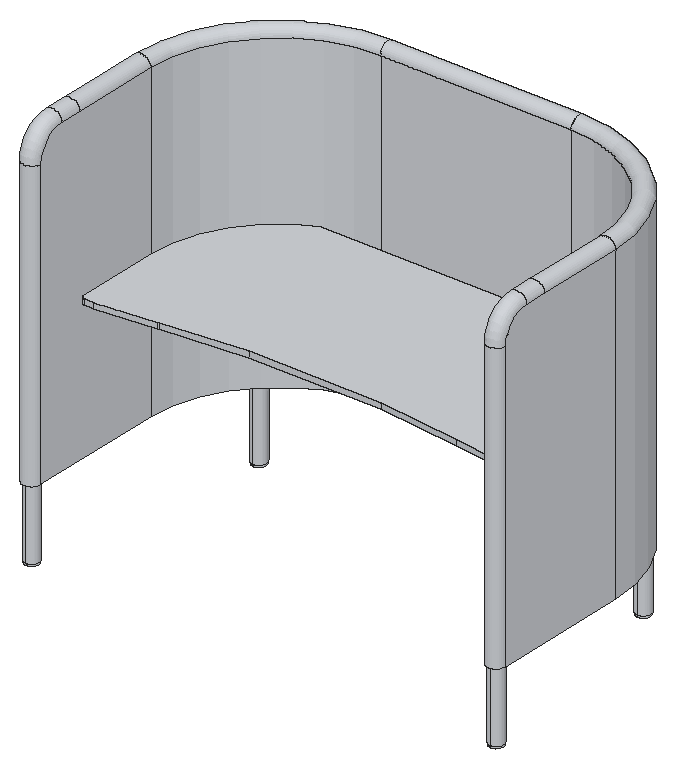
Revit family "BuzziSpace - BuzziHug Work", category Furniture, Revit 2019
Family settings
  OmniClass Number = 23.40.20.00
  OmniClass Title = General Furniture and Specialties
  Work Plane-Based = No
  Always vertical = Yes
  Cut with Voids When Loaded = No
  Shared = No
  Room Calculation Point = No
Parameters (values of type "Medium 135cm")
  Worktop [instance] = none
  Width = 5' - 5"
  Void Depth Small [instance] = if(Width = 4' 1 1/4", 0' 6", 0' 1")  # 0' - 1"
  Void Depth Medium [instance] = if(Width = 5' 5", 0' 6", 0' 1")  # 0' - 6"
  Upholstery [instance] = none
  URL = "https://www.buzzi.space/acoustic-solutions/buzzihug-work"
  Model = "BuzziHug Work"
  Manufacturer = "BuzziSpace"  # constant formula
  Legs [instance] = none
  Height = 4' - 5 1/8"
  Cable Tray Toggle [instance] = yes
  Cable Tray [instance] = none
Types (5): name | Width | Void Depth Small | Void Depth Medium | Height
  (no name) | 5' - 5" | 0' - 1" | 0' - 6" | 4' - 5 1/8"
  Medium 135cm | 5' - 5" | 0' - 1" | 0' - 6" | 4' - 5 1/8"
  Small 120cm | 4' - 1 1/4" | 0' - 6" | 0' - 1" | 3' - 11 1/4"
  Medium 120cm | 5' - 5" | 0' - 1" | 0' - 6" | 3' - 11 1/4"
  Small 135cm | 4' - 1 1/4" | 0' - 6" | 0' - 1" | 4' - 5 1/8"
Reference planes (in)
  plane 1 "Center Front/Back": y = 0
  plane 2: z = 0
  plane 3 "Center Left/Right": x = 0
  plane 4: x = -32.5
  plane 5: x = 32.5
  plane 6: y = 19.68504
  plane 7: y = -19.68504
  plane 8: x = -29.98031
  plane 9: x = 29.98031
  plane 10: y = 17.16535
  plane 11: y = -11.9685
  plane 12: z = 53.125
  plane 13 "Base": z = 9.80315
  plane 14: x = -22.1063
  plane 15: x = 22.1063
  plane 16: y = 15.59055
  plane 17: y = 10.86614
  plane 18: x = -12.81496
  plane 19: x = 12.81496
  plane 20: y = -9.94156
  plane 21: z = 51.86516
  plane 22: z = 48.40059
  plane 23: x = -25.84354
  plane 24: x = 25.84354
  plane 25: x = -31.24016
  plane 26: x = 31.24016
  plane 27 "Desk Height": z = 28.77953
  plane 28: x = -20.01925
  plane 29: x = 20.01925
  plane 30: y = 14.59055
  plane 31: y = 9.59055
  plane 32 "Mask": z = 55.125
Forms (in)
  Sweep 1, solid, material <- "Upholstery"
    path origin (0, 0, 0) x (1, 0, 0) y (0, 1, 0)
      loop
        line (-32.5, -11.9685) -> (-32.5, 0)
        arc (-32.5, 0) -> (-26.73439, 13.91942) -> (-12.81496, 19.68504) r 19.68504
        line (-12.81496, 19.68504) -> (12.81496, 19.68504)
        arc (12.81496, 19.68504) -> (26.73439, 13.91942) -> (32.5, 0) r 19.68504
        line (32.5, 0) -> (32.5, -11.9685)
    profile origin (-32.5, -5.98425, 0) x (-1, 0, 0) y (0, 0, 1)
      loop
        arc (0, 51.86516) -> (-1.25984, 53.125) -> (-2.51969, 51.86516) r 1.25984
        line (-2.51969, 51.86516) -> (-2.51969, 9.80315) -> (0, 9.80315) -> (0, 51.86516)
  Sweep 2, solid, material <- "Upholstery"
    path origin (0, 0, 0) x (0, 1, 0) y (0, 0, 1)
      loop
        line (-11.9685, 53.125) -> (-14.96063, 53.125)
        arc (-14.96063, 53.125) -> (-18.30129, 51.74125) -> (-19.68504, 48.40059) r 4.72441
        line (-19.68504, 48.40059) -> (-19.68504, 9.80315)
    profile origin (0, -13.46457, 53.125) x (0, 0, -1) y (1, 0, 0)
      loop
        line (1.25984, -32.5) -> (2.25984, -32.5) -> (2.25984, -29.98031) -> (1.25984, -29.98031)
        arc (1.25984, -29.98031) -> (0, -31.24016) -> (1.25984, -32.5) r 1.25984
      loop
        arc (1.25984, 32.5) -> (0, 31.24016) -> (1.25984, 29.98031) r 1.25984
        line (1.25984, 29.98031) -> (2.25984, 29.98031) -> (2.25984, 32.5) -> (1.25984, 32.5)
  Extrusion 3, solid, material <- "Upholstery"
    sketch origin (-32.5, -25.67925, 48) x (0, -1, 0) y (0, 0, 1)
      loop
        line (-13.71074, 2.86516) -> (-13.71074, -38.19685) -> (-8.25405, -38.19685) -> (-8.25405, 0.40059)
        arc (-8.25405, 0.40059) -> (-8.97591, 2.1433) -> (-10.71862, 2.86516) r 2.46457
        line (-10.71862, 2.86516) -> (-13.71074, 2.86516)
    from 0 to -2.51969
  Extrusion 4, solid, material <- "Upholstery"
    sketch origin (32.5, -25.67925, 48) x (0, -1, 0) y (0, 0, -1)
      loop
        arc (-10.71862, -2.86516) -> (-8.97591, -2.1433) -> (-8.25405, -0.40059) r 2.46457
        line (-8.25405, -0.40059) -> (-8.25405, 38.19685) -> (-13.71074, 38.19685) -> (-13.71074, -2.86516) -> (-10.71862, -2.86516)
    from 0 to -2.51969
  Revolve 5, solid, material <- "Legs"
    sketch origin (-31.24016, -19.07871, 48) x (0, 1, 0) y (0, 0, 1)
      loop
        line (-0.33074, -38.31496) -> (-0.33074, -47.68504) -> (-0.24284, -47.68504) -> (-0.24284, -48) -> (0.65351, -48) -> (0.65351, -38.19685) -> (0.49133, -38.19685) -> (0.49133, -38.31496) -> (-0.33074, -38.31496)
      axis (0.65351, -48) -> (0.65351, -38.19685)
    angle from 0 to 360
  Revolve 6, solid, material <- "Legs"
    sketch origin (31.24016, -19.07871, 48) x (0, 1, 0) y (0, 0, 1)
      loop
        line (-0.33074, -38.31496) -> (-0.33074, -47.68504) -> (-0.24284, -47.68504) -> (-0.24284, -48) -> (0.65351, -48) -> (0.65351, -38.19685) -> (0.49133, -38.19685) -> (0.49133, -38.31496) -> (-0.33074, -38.31496)
      axis (0.65351, -48) -> (0.65351, -38.19685)
    angle from 0 to 360
  Revolve 7, solid, material <- "Legs"
    sketch origin (-25.84354, -25.67925, 48) x (0, -1, 0) y (0, 0, 1)
      loop
        line (-37.72358, -38.31496) -> (-38.54565, -38.31496) -> (-38.54565, -38.19685) -> (-38.70783, -38.19685) -> (-38.70783, -48) -> (-37.81148, -48) -> (-37.81148, -47.68504) -> (-37.72358, -47.68504) -> (-37.72358, -38.31496)
      axis (-38.70783, -48) -> (-38.70783, -38.19685)
    angle from 0 to 360
  Revolve 8, solid, material <- "Legs"
    sketch origin (25.84354, -25.67925, 48) x (0, -1, 0) y (0, 0, 1)
      loop
        line (-37.72358, -38.31496) -> (-38.54565, -38.31496) -> (-38.54565, -38.19685) -> (-38.70783, -38.19685) -> (-38.70783, -48) -> (-37.81148, -48) -> (-37.81148, -47.68504) -> (-37.72358, -47.68504) -> (-37.72358, -38.31496)
      axis (-38.70783, -48) -> (-38.70783, -38.19685)
    angle from 0 to 360
  Extrusion 9, solid, material <- "Worktop"
    sketch origin (0, 0, 28.77953) x (-1, 0, 0) y (0, -1, 0)
      loop
        arc (20.01925, -15.59055) -> (27.27745, -9.25051) -> (29.98031, 0) r 17.1813
        line (29.98031, 0) -> (29.98031, 11.25911)
        arc (29.98031, 11.25911) -> (29.77254, 11.76073) -> (29.27092, 11.9685) r 0.70939
        line (29.27092, 11.9685) -> (28.11965, 11.9685)
        arc (28.11965, 11.9685) -> (24.10632, 11.75934) -> (20.13649, 11.13411) r 38.60705
        line (20.13649, 11.13411) -> (20.01925, 11.10933)
        arc (20.01925, 11.10933) -> (14.46329, 10.23429) -> (8.84646, 9.94156) r 54.03232
        line (8.84646, 9.94156) -> (-8.84646, 9.94156)
        arc (-8.84646, 9.94156) -> (-14.46329, 10.23429) -> (-20.01925, 11.10933) r 54.03232
        line (-20.01925, 11.10933) -> (-20.13649, 11.13411)
        arc (-20.13649, 11.13411) -> (-24.10632, 11.75934) -> (-28.11965, 11.9685) r 38.60705
        line (-28.11965, 11.9685) -> (-29.27092, 11.9685)
        arc (-29.27092, 11.9685) -> (-29.77254, 11.76073) -> (-29.98031, 11.25911) r 0.70939
        line (-29.98031, 11.25911) -> (-29.98031, 0)
        arc (-29.98031, 0) -> (-27.27745, -9.25051) -> (-20.01925, -15.59055) r 17.1813
        line (-20.01925, -15.59055) -> (20.01925, -15.59055)
    from 0 to 0.75
  Extrusion 10, solid, material <- "Cable Tray", visible <- "Cable Tray Toggle"
    sketch origin (-42.00594, -180, 28.77953) x (-1, 0, 0) y (0, -1, 0)
      loop
        line (-19.89964, -194.44201) -> (-19.89964, -190.86614) -> (-64.11224, -190.86614) -> (-64.11224, -194.44201)
        arc (-64.11224, -194.44201) -> (-59.61376, -196.47076) -> (-54.7281, -197.16535) r 17.52966
        line (-54.7281, -197.16535) -> (-46.10002, -197.16535)
        arc (-46.10002, -197.16535) -> (-45.90184, -197.09517) -> (-45.79199, -196.91591) r 0.31492
        arc (-45.79199, -196.91591) -> (-45.20831, -195.96344) -> (-44.1553, -195.59055) r 1.67325
        line (-44.1553, -195.59055) -> (-39.85657, -195.59055)
        arc (-39.85657, -195.59055) -> (-38.80356, -195.96344) -> (-38.21989, -196.91591) r 1.67325
        arc (-38.21989, -196.91591) -> (-38.11004, -197.09517) -> (-37.91185, -197.16535) r 0.31492
        line (-37.91185, -197.16535) -> (-29.28378, -197.16535)
        arc (-29.28378, -197.16535) -> (-24.39812, -196.47076) -> (-19.89964, -194.44201) r 17.52966
    from -5.51181 to -4.72441
  Extrusion 11, solid, material <- "Cable Tray", visible <- "Cable Tray Toggle"
    sketch origin (-36.82644, 10.86614, 48) x (-1, 0, 0) y (0, 0, 1)
      loop
        arc (-58.854, -19.22047) -> (-58.90968, -19.24353) -> (-58.93274, -19.29921) r 0.07874
        line (-58.93274, -19.29921) -> (-58.93274, -23.94488) -> (-14.72014, -23.94488) -> (-14.72014, -19.29921)
        arc (-14.72014, -19.29921) -> (-14.74321, -19.24353) -> (-14.79888, -19.22047) r 0.07874
        line (-14.79888, -19.22047) -> (-58.854, -19.22047)
    from 0 to 0.75
  Extrusion 12, void
    sketch origin (-36.82644, 15.59055, 48) x (-1, 0, 0) y (0, 0, 1)
      loop
        arc (-40.3651, -21.97638) -> (-40.24979, -22.25477) -> (-39.9714, -22.37008) r 0.3937
        line (-39.9714, -22.37008) -> (-33.68149, -22.37008)
        arc (-33.68149, -22.37008) -> (-33.4031, -22.25477) -> (-33.28778, -21.97638) r 0.3937
        line (-33.28778, -21.97638) -> (-33.28778, -19.22047) -> (-40.3651, -19.22047) -> (-40.3651, -21.97638)
    from -1 to 0
  Extrusion 13, void
    sketch origin (-36.82644, 15.59055, 48) x (-1, 0, 0) y (0, 0, 1)
      loop
        arc (-32.68794, -21.97638) -> (-32.57262, -22.25477) -> (-32.29424, -22.37008) r 0.3937
        line (-32.29424, -22.37008) -> (-26.00432, -22.37008)
        arc (-26.00432, -22.37008) -> (-25.72593, -22.25477) -> (-25.61062, -21.97638) r 0.3937
        line (-25.61062, -21.97638) -> (-25.61062, -19.22047) -> (-32.68794, -19.22047) -> (-32.68794, -21.97638)
      loop
        line (-40.96495, -21.97638) -> (-40.96495, -19.22047) -> (-48.04227, -19.22047) -> (-48.04227, -21.97638)
        arc (-48.04227, -21.97638) -> (-47.92695, -22.25477) -> (-47.64857, -22.37008) r 0.3937
        line (-47.64857, -22.37008) -> (-41.35865, -22.37008)
        arc (-41.35865, -22.37008) -> (-41.08026, -22.25477) -> (-40.96495, -21.97638) r 0.3937
    from -6 to 0
Cuts and joins
  joined: Sweep 1, Sweep 2, Extrusion 3, Extrusion 4
  Extrusion 12, Extrusion 13 cuts Extrusion 11
  joined: Extrusion 10, Extrusion 11
Lines and regions (in)
  Masking region 1
    outline origin (0, 0, 55.125) x (-1, 0, 0) y (0, -1, 0)
      loop
        line (32.5, 0) -> (32.5, 18.4252)
        arc (32.5, 18.4252) -> (31.24016, 19.68504) -> (29.98031, 18.4252) r 1.25984
        line (29.98031, 18.4252) -> (29.98031, 11.25911)
        arc (29.98031, 11.25911) -> (29.77254, 11.76073) -> (29.27092, 11.9685) r 0.70939
        line (29.27092, 11.9685) -> (28.11965, 11.9685)
        arc (28.11965, 11.9685) -> (24.10632, 11.75934) -> (20.13649, 11.13411) r 38.60705
        line (20.13649, 11.13411) -> (20.01925, 11.10933)
        arc (20.01925, 11.10933) -> (14.46329, 10.23429) -> (8.84646, 9.94156) r 54.03232
        line (8.84646, 9.94156) -> (-8.84646, 9.94156)
        arc (-8.84646, 9.94156) -> (-14.46329, 10.23429) -> (-20.01925, 11.10933) r 54.03232
        line (-20.01925, 11.10933) -> (-20.13649, 11.13411)
        arc (-20.13649, 11.13411) -> (-24.10632, 11.75934) -> (-28.11965, 11.9685) r 38.60705
        line (-28.11965, 11.9685) -> (-29.27092, 11.9685)
        arc (-29.27092, 11.9685) -> (-29.77254, 11.76073) -> (-29.98031, 11.25911) r 0.70939
        line (-29.98031, 11.25911) -> (-29.98031, 18.4252)
        arc (-29.98031, 18.4252) -> (-31.24016, 19.68504) -> (-32.5, 18.4252) r 1.25984
        line (-32.5, 18.4252) -> (-32.5, 0)
        arc (-32.5, 0) -> (-26.73439, -13.91942) -> (-12.81496, -19.68504) r 19.68504
        line (-12.81496, -19.68504) -> (12.81496, -19.68504)
        arc (12.81496, -19.68504) -> (26.73439, -13.91942) -> (32.5, 0) r 19.68504
  symbolic lines, detail levels medium+fine
    curve 1: line (19.98381, 15.59055, 55.125) -> (-19.98381, 15.59055, 55.125)
    curve 5: arc (-2.14937, 15.59055, 55.125) -> (-3.20238, 15.96344, 55.125) -> (-3.78605, 16.91591, 55.125) r 1.67325
    curve 6: arc (-3.78605, 16.91591, 55.125) -> (-3.8959, 17.09517, 55.125) -> (-4.09409, 17.16535, 55.125) r 0.31492
    curve 7: arc (3.78605, 16.91591, 55.125) -> (3.20238, 15.96344, 55.125) -> (2.14937, 15.59055, 55.125) r 1.67325
    curve 8: arc (4.09409, 17.16535, 55.125) -> (3.8959, 17.09517, 55.125) -> (3.78605, 16.91591, 55.125) r 0.31492
  symbolic lines
    curve 2: arc (-12.72216, 17.16535, 55.125) -> (-16.43738, 16.76713, 55.125) -> (-19.98381, 15.59055, 55.125) r 17.52966
    curve 3: line (-12.72216, 17.16535, 55.125) -> (12.72216, 17.16535, 55.125)
    curve 4: arc (19.98381, 15.59055, 55.125) -> (16.43738, 16.76713, 55.125) -> (12.72216, 17.16535, 55.125) r 17.52966
    curve 20: arc (-20.01925, 15.59055, 55.125) -> (-27.27745, 9.25051, 55.125) -> (-29.98031, 0, 55.125) r 17.1813
    curve 21: arc (29.98031, 0, 55.125) -> (27.27745, 9.25051, 55.125) -> (20.01925, 15.59055, 55.125) r 17.1813
    curve 22: line (29.98031, -11.25911, 55.125) -> (29.98031, 0, 55.125)
    curve 23: line (-29.98031, 0, 55.125) -> (-29.98031, -11.25911, 55.125)
  symbolic lines, style "FurnitureHiddenLines", visible <- "Cable Tray Toggle", detail levels fine
    curve 9: line (-22.1063, 14.44201, 55.125) -> (-22.1063, 10.86614, 55.125)
    curve 10: line (22.1063, 10.86614, 55.125) -> (22.1063, 14.44201, 55.125)
    curve 11: line (22.1063, 10.86614, 55.125) -> (-22.1063, 10.86614, 55.125)
  symbolic lines, style "FurnitureHiddenLines", detail levels fine
    curve 12: arc (-25.84354, 12.04433, 55.125) -> (-24.85929, 13.02858, 55.125) -> (-25.84354, 14.01283, 55.125) r 0.98425
    curve 13: arc (-25.84354, 14.01283, 55.125) -> (-26.82779, 13.02858, 55.125) -> (-25.84354, 12.04433, 55.125) r 0.98425
    curve 14: arc (25.84354, 14.01283, 55.125) -> (26.82779, 13.02858, 55.125) -> (25.84354, 12.04433, 55.125) r 0.98425
    curve 15: arc (25.84354, 12.04433, 55.125) -> (24.85929, 13.02858, 55.125) -> (25.84354, 14.01283, 55.125) r 0.98425
    curve 16: arc (31.24016, -19.40945, 55.125) -> (32.22441, -18.4252, 55.125) -> (31.24016, -17.44094, 55.125) r 0.98425
    curve 17: arc (31.24016, -17.44094, 55.125) -> (30.25591, -18.4252, 55.125) -> (31.24016, -19.40945, 55.125) r 0.98425
    curve 18: arc (-31.24016, -17.44094, 55.125) -> (-30.25591, -18.4252, 55.125) -> (-31.24016, -19.40945, 55.125) r 0.98425
    curve 19: arc (-31.24016, -19.40945, 55.125) -> (-32.22441, -18.4252, 55.125) -> (-31.24016, -17.44094, 55.125) r 0.98425
Dimensions and locks (in)
  equal spacing: plane 4, plane 3 "Center Left/Right", plane 5
  "Width": plane 4 to plane 5
  locked: plane 4 to plane 25 at 1.25984
  locked: plane 26 to plane 5 at 1.25984
  plane 4 to plane 8 to plane 23 to plane 14 to plane 28 to plane 18 = 0' - 2.51969" locked, 0' - 4.13677" locked, 0' - 3.73724" locked, 0' - 2.08705" locked, 0' - 7.20429" locked
  plane 19 to plane 29 to plane 15 to plane 24 to plane 9 to plane 5 = 0' - 7.20429" locked, 0' - 2.08705" locked, 0' - 3.73724" locked, 0' - 4.13677" locked, 0' - 2.51969" locked
  plane 27 "Desk Height" to plane 13 "Base" to level = 1' - 6.97638" locked, 0' - 9.80315" locked
  plane 12 to plane 21 to plane 22 = 0' - 1.25984" locked, 0' - 3.46457" locked
  "Height": plane 12 to level
  locked: plane 8 to Extrusion 9 sketch curve at 0.70939
  locked: Extrusion 9 sketch curve to plane 9 at 0.70939
  "Void Depth Small": plane 16 to plane 30
  "Void Depth Medium": plane 16 to plane 31
  locked: plane 32 "Mask" to plane 12 at 2
  aligned and locked: level to plane 2
  aligned and locked: Sweep 1 sketch curve to plane 5
  aligned and locked: Sweep 1 sketch curve to plane 4
  aligned and locked: Sweep 1 sketch curve to plane 6
  aligned and locked: plane 18 to Sweep 1 sketch curve
  aligned and locked: plane 19 to Sweep 1 sketch curve
  aligned and locked: plane 21 to Sweep 1 sketch curve  (x2)
  aligned and locked: plane 8 to Sweep 1 sketch curve
  aligned and locked: Sweep 2 sketch curve to plane 7
  aligned and locked: plane 11 to Sweep 2 sketch curve
  aligned and locked: Sweep 2 sketch curve to plane 12
  aligned and locked: plane 13 "Base" to Sweep 2 sketch curve
  aligned and locked: plane 4 to Sweep 2 sketch curve
  aligned and locked: plane 21 to Sweep 2 sketch curve  (x4)
  aligned and locked: Sweep 2 sketch curve to plane 8
  aligned and locked: plane 9 to Sweep 2 sketch curve
  aligned and locked: Sweep 2 sketch curve to plane 5
  aligned and locked: Extrusion 3 sketch curve to plane 13 "Base"
  aligned and locked: plane 11 to Extrusion 3 sketch curve
  aligned and locked: plane 13 "Base" to Extrusion 4 sketch curve
  aligned and locked: Extrusion 4 sketch curve to plane 11
  aligned and locked: plane 13 "Base" to Revolve 5 sketch curve  (x2)
  aligned and locked: level to Revolve 5 sketch curve  (x2)
  aligned and locked: plane 9 to Extrusion 9 sketch curve
  aligned and locked: Extrusion 12 sketch curve to plane 27 "Desk Height"
  aligned and locked: Extrusion 12 to plane 30
  aligned and locked: plane 16 to Extrusion 12
  aligned and locked: plane 16 to Extrusion 13
  aligned and locked: Extrusion 13 to plane 31
  aligned and locked: Masking region 1 sketch curve to cut or joined group of Sweep 1, Sweep 2, Extrusion 3, Extrusion 4  (x4)
  aligned and locked: Masking region 1 sketch curve to plane 9
  aligned and locked: Masking region 1 sketch curve to Extrusion 9  (x5)
  aligned and locked: Extrusion 9 to curve 1
  aligned and locked: curve 2 to cut or joined group of Extrusion 10, Extrusion 11, Extrusion 12, Extrusion 13
  aligned and locked: curve 4 to cut or joined group of Extrusion 10, Extrusion 11, Extrusion 12, Extrusion 13
  aligned and locked: curve 5 to cut or joined group of Extrusion 10, Extrusion 11, Extrusion 12, Extrusion 13
  aligned and locked: curve 6 to cut or joined group of Extrusion 10, Extrusion 11, Extrusion 12, Extrusion 13
  aligned and locked: curve 7 to cut or joined group of Extrusion 10, Extrusion 11, Extrusion 12, Extrusion 13
  aligned and locked: curve 8 to cut or joined group of Extrusion 10, Extrusion 11, Extrusion 12, Extrusion 13
  aligned and locked: curve 9 to cut or joined group of Extrusion 10, Extrusion 11, Extrusion 12, Extrusion 13
  aligned and locked: curve 12 to Revolve 7
  aligned and locked: curve 13 to Revolve 7
  aligned and locked: curve 14 to Revolve 8
  aligned and locked: curve 15 to Revolve 8
  aligned and locked: curve 16 to Revolve 6
  aligned and locked: curve 17 to Revolve 6
  aligned and locked: curve 18 to Revolve 5
  aligned and locked: curve 19 to Revolve 5
  aligned and locked: curve 21 to Extrusion 9
  aligned and locked: curve 22 to Extrusion 9
  aligned and locked: curve 23 to Extrusion 9
Automatic sketch dimensions
  Sweep 1 sketch curve to plane 11 = 0' - 0"  (x2)
  level to Sweep 1 sketch curve = 0' - 9.80315"
  Sweep 2 sketch curve to plane 22 = 0' - 0"
  Sweep 2 sketch curve to Sweep 2 sketch curve = 0' - 1"  (x2)
  Sweep 1 sketch curve to profile plane = 0' - 0"
  Extrusion 3 sketch curve to plane 22 = 0' - 0"
  Extrusion 3 sketch curve to plane 12 = 0' - 2.25984"
  Extrusion 3 sketch curve to plane 7 = 0' - 2.25984"
  Extrusion 4 sketch curve to plane 22 = 0' - 0"
  plane 21 to Extrusion 4 sketch curve = 0' - 1"
  plane 11 to Extrusion 4 sketch curve = 0' - 2.99213"
  Revolve 5 sketch curve to plane 7 = 0' - 1 25/256"
  Revolve 5 sketch curve to Revolve 5 sketch curve = 0' - 0.98425"
  Revolve 5 sketch curve to Revolve 5 sketch curve = 0' - 0.11811"
  Revolve 5 sketch curve to plane 7 = 0' - 0.27559"
  Revolve 5 sketch curve to Revolve 5 sketch curve = 0' - 0.0879"
  Revolve 5 sketch curve to Revolve 5 sketch curve = 0' - 0"
  level to Revolve 5 sketch curve = 0' - 0.31496"
  Revolve 6 sketch curve to level = 0' - 0"  (x2)
  Revolve 6 sketch curve to plane 13 "Base" = 0' - 0"  (x2)
  plane 13 "Base" to Revolve 6 sketch curve = 0' - 0.11811"
  plane 7 to Revolve 6 sketch curve = 0' - 0.27559"
  Revolve 6 sketch curve to Revolve 6 sketch curve = 0' - 0.0879"
  Revolve 6 sketch curve to Revolve 6 sketch curve = 0' - 0.82207"
  Revolve 6 sketch curve to Revolve 6 sketch curve = 0' - 0.89635"
  Revolve 6 sketch curve to level = 0' - 0.31496"
  Revolve 6 sketch curve to Revolve 6 sketch curve = 0' - 0"
  Revolve 7 sketch curve to level = 0' - 0"  (x2)
  Revolve 7 sketch curve to plane 13 "Base" = 0' - 0"  (x2)
  plane 17 to Revolve 7 sketch curve = 0' - 2.16244"
  Revolve 7 sketch curve to Revolve 7 sketch curve = 0' - 0.16218"
  level to Revolve 7 sketch curve = 0' - 0.31496"
  Revolve 7 sketch curve to Revolve 7 sketch curve = 0' - 0.89635"
  Revolve 7 sketch curve to Revolve 7 sketch curve = 0' - 0.0879"
  Revolve 7 sketch curve to plane 13 "Base" = 0' - 0.11811"
  Revolve 7 sketch curve to Revolve 7 sketch curve = 0' - 0"
  Revolve 8 sketch curve to level = 0' - 0"  (x2)
  Revolve 8 sketch curve to plane 13 "Base" = 0' - 0"  (x2)
  Revolve 8 sketch curve to plane 17 = 0' - 2.16244"
  Revolve 8 sketch curve to Revolve 8 sketch curve = 0' - 0.16218"
  Revolve 8 sketch curve to level = 0' - 0.31496"
  Revolve 8 sketch curve to Revolve 8 sketch curve = 0' - 0.89635"
  Revolve 8 sketch curve to Revolve 8 sketch curve = 0' - 0.0879"
  plane 13 "Base" to Revolve 8 sketch curve = 0' - 0.11811"
  Revolve 8 sketch curve to Revolve 8 sketch curve = 0' - 0"
  Extrusion 10 sketch curve to plane 10 = 0' - 0"  (x2)
  Extrusion 10 sketch curve to plane 16 = 0' - 0"
  Extrusion 10 sketch curve to plane 19 = 0' - 0.0928"
  plane 3 "Center Left/Right" to Extrusion 10 sketch curve = 0' - 2.14937"
  Extrusion 10 sketch curve to plane 3 "Center Left/Right" = 0' - 2.14937"
  Extrusion 10 sketch curve to plane 10 = 0' - 0.31492"
  Extrusion 10 sketch curve to Extrusion 10 sketch curve = 0' - 1.94472"  (x2)
  Extrusion 10 sketch curve to plane 18 = 0' - 0.0928"
  Extrusion 10 sketch curve to plane 14 = 0' - 0"
  plane 10 to Extrusion 10 sketch curve = 0' - 0.09844"  (x2)
  Extrusion 10 sketch curve to Extrusion 10 sketch curve = 0' - 0.31492"
  plane 1 "Center Front/Back" to Extrusion 10 sketch curve = 0' - 0.3643"
  Extrusion 11 sketch curve to plane 15 = 0' - 0"
  Extrusion 11 sketch curve to plane 27 "Desk Height" = 0' - 0"
  plane 14 to Extrusion 11 sketch curve = 0' - 0"
  Extrusion 11 sketch curve to plane 15 = 0' - 0.07874"
  Extrusion 11 sketch curve to plane 14 = 0' - 0.07874"
  Extrusion 11 sketch curve to Extrusion 11 sketch curve = 0' - 4.64567"
  Extrusion 10 sketch curve to Extrusion 10 sketch curve = 0' - 3.57587"
  Extrusion 10 sketch curve to plane 15 = 0' - 0"
  Extrusion 10 sketch curve to plane 17 = 0' - 0"
  Extrusion 9 sketch curve to plane 11 = 0' - 0"  (x2)
  Extrusion 9 sketch curve to plane 16 = 0' - 0"
  Extrusion 9 sketch curve to plane 29 = 0' - 0"  (x2)
  plane 1 "Center Front/Back" to Extrusion 9 sketch curve = 0' - 0"  (x2)
  Extrusion 9 sketch curve to plane 20 = 0' - 0"
  Extrusion 9 sketch curve to plane 28 = 0' - 0"  (x2)
  Extrusion 9 sketch curve to plane 8 = 0' - 0"
  Extrusion 9 sketch curve to Extrusion 9 sketch curve = 0' - 1.15127"
  plane 29 to Extrusion 9 sketch curve = 0' - 0.11723"
  Extrusion 9 sketch curve to plane 19 = 0' - 3.9685"
  Extrusion 9 sketch curve to plane 18 = 0' - 3.9685"
  plane 28 to Extrusion 9 sketch curve = 0' - 0.11723"
  Extrusion 9 sketch curve to plane 8 = 0' - 1.86067"
  plane 6 to Extrusion 9 sketch curve = 0' - 6.95351"  (x2)
  plane 3 "Center Left/Right" to Extrusion 12 sketch curve = 0' - 3.53866"
  Extrusion 12 sketch curve to Extrusion 12 sketch curve = 0' - 0.3937"  (x2)
  Extrusion 12 sketch curve to plane 3 "Center Left/Right" = 0' - 3.14496"
  Extrusion 12 sketch curve to plane 27 "Desk Height" = 0' - 2.75591"
  Extrusion 13 sketch curve to plane 27 "Desk Height" = 0' - 0"  (x2)
  Extrusion 13 sketch curve to plane 19 = 0' - 1.59914"
  Extrusion 13 sketch curve to Extrusion 13 sketch curve = 0' - 0.3937"  (x3)
  plane 3 "Center Left/Right" to Extrusion 13 sketch curve = 0' - 4.53221"
  Extrusion 13 sketch curve to plane 3 "Center Left/Right" = 0' - 4.13851"
  Extrusion 13 sketch curve to plane 18 = 0' - 1.99284"
  Extrusion 13 sketch curve to plane 18 = 0' - 1.59914"
  Extrusion 13 sketch curve to Extrusion 13 sketch curve = 0' - 2.75591"  (x2)
  Masking region 1 sketch curve to plane 29 = 0' - 0"
  Masking region 1 sketch curve to plane 28 = 0' - 0"
  Masking region 1 sketch curve to plane 8 = 0' - 0"
  plane 29 to Masking region 1 sketch curve = 0' - 0.11723"
  plane 28 to Masking region 1 sketch curve = 0' - 0.11723"
  Masking region 1 sketch curve to Masking region 1 sketch curve = 0' - 0.70939"
  Masking region 1 sketch curve to Masking region 1 sketch curve = 0' - 0"  (x2)
  curve 11 to plane 15 = 0' - 0"
  curve 9 to plane 17 = 0' - 0"
  curve 22 to plane 9 = 0' - 0"
  curve 21 to plane 16 = 0' - 0"
  curve 21 to plane 29 = 0' - 0"
  plane 1 "Center Front/Back" to curve 21 = 0' - 0"
  plane 1 "Center Front/Back" to curve 20 = 0' - 0"
  curve 20 to plane 16 = 0' - 0"
  curve 20 to plane 28 = 0' - 0"
  curve 20 to plane 8 = 0' - 0"
  plane 11 to curve 23 = 0' - 0.70939"
  plane 11 to curve 22 = 0' - 0.70939"
